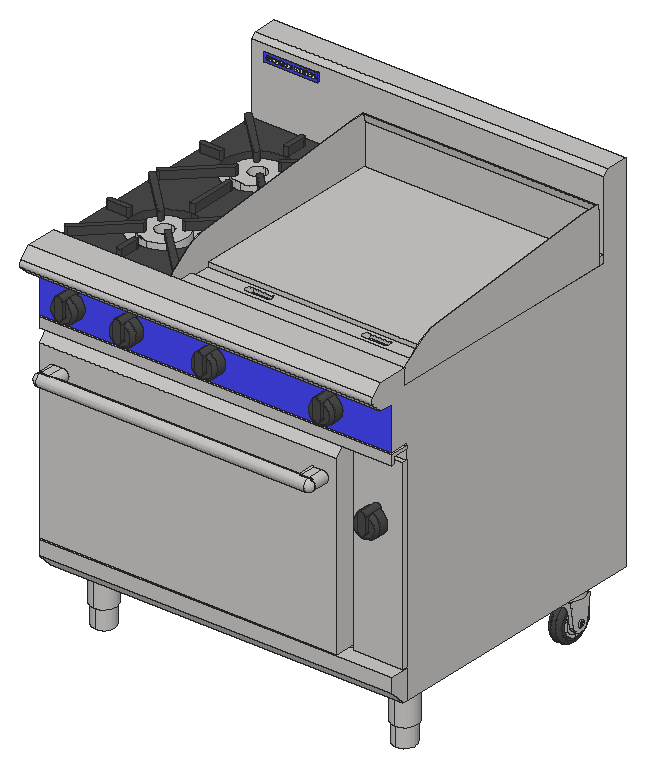
Revit family "QF_MOFFAT_BLUESEAL_CE_GE56B", category Specialty Equipment, Revit 2012 (continued)
Automatic sketch dimensions
  Split face 3 sketch curve to cut or joined group of Extrusion 1, Extrusion 17 = 17.115 mm
  Split face 3 sketch curve to Split face 3 sketch curve = 17 mm
  Split face 3 sketch curve to Split face 3 sketch curve = 7 mm
  curve 50 to plane 17 = 1.385 mm
  plane 3 "LEFT" to curve 50 = 24.134 mm
  curve 50 to plane 17 = 8.385 mm
  curve 50 to curve 50 = 4.041 mm
  plane 17 to curve 51 = 3.615 mm
  curve 51 to curve 51 = 8.66 mm
  curve 49 to curve 49 = 8.66 mm
  plane 17 to curve 45 = 3.615 mm
  curve 45 to plane 9 = 19.247 mm
  curve 47 to plane 17 = 3.385 mm
  curve 45 to curve 47 = 4.041 mm
  plane 17 to curve 46 = 8.615 mm
  plane 17 to curve 47 = 1.615 mm
  curve 47 to plane 9 = 6.545 mm
  curve 53 to plane 17 = 1.385 mm
  plane 9 to curve 53 = 44.134 mm
  curve 54 to curve 55 = 4.041 mm
  curve 53 to curve 52 = 8.66 mm
  curve 55 to plane 17 = 3.385 mm
  curve 53 to curve 55 = 4.041 mm
  plane 17 to curve 59 = 13.615 mm
  curve 57 to plane 17 = 3.385 mm
  curve 59 to curve 57 = 4.041 mm
  plane 17 to curve 58 = 8.615 mm
  curve 52 to curve 58 = 8.66 mm
  plane 17 to curve 57 = 1.615 mm
  curve 58 to curve 57 = 4.041 mm
  curve 66 to plane 17 = 1.385 mm
  curve 66 to plane 17 = 8.385 mm
  curve 66 to curve 66 = 4.041 mm
  plane 17 to curve 60 = 13.615 mm
  curve 67 to curve 60 = 8.66 mm
  curve 66 to curve 64 = 8.66 mm
  plane 16 to curve 60 = 26.253 mm
  curve 61 to curve 64 = 4.041 mm
  plane 17 to curve 62 = 8.615 mm
  curve 60 to curve 62 = 8.66 mm
  plane 17 to curve 62 = 1.615 mm
  curve 61 to curve 62 = 4.041 mm
  curve 65 to curve 66 = 5 mm
  plane 8 "Center X" to curve 16 = 15 mm
  curve 58 to curve 66 = 50.679 mm
  curve 20 to curve 16 = 8.27 mm
  plane 7 "Center Y" to curve 52 = 110.753 mm
  curve 15 to curve 29 = 25.97 mm
  curve 68 to plane 5 "FRONT" = 28.03 mm
  curve 4 to curve 69 = 12.5 mm
  plane 21 to Extrusion 2 sketch curve = 44 mm
  plane 18 to Extrusion 2 sketch curve = 21 mm
  Extrusion 2 sketch curve to Extrusion 2 sketch curve = 24 mm
  Extrusion 22 sketch curve to plane 21 = 6 mm
  level to Extrusion 22 sketch curve = 150 mm
  Extrusion 22 sketch curve to Extrusion 22 sketch curve = 36 mm
  plane 21 to Extrusion 22 sketch curve = 8 mm
  radius of Extrusion 6 sketch curve = 10 mm
  radius of Extrusion 31 sketch curve = 85 mm  (x2)
  radius of Extrusion 33 sketch curve = 57 mm  (x2)
  radius of Extrusion 33 sketch curve = 22 mm  (x2)
  radius of Extrusion 34 sketch curve = 6.35 mm
Nested families
  nested 1: "WALDORF LOGO_FACE BASE" at (32, -70, 1056.385) x (1, 0, 0) z (0, -1, 0), visible <- "Show Logo", type "WALDORF LOGO_FACE BASE", detail levels medium+fine
    with Show Logo yes
  nested 2: "GAS GRIDDLE PLATE 600" at (300, -85, 874.5), type "GAS GRIDDLE PLATE 600"
    with Width 600 mm, Type Mark "", Status "", Specification by User "", Revision Code "", Item Number "", Installed By "", Identify Quantity as Lot yes, Furnished By "", Foodservice Equipment Identifier yes, Depth 620 mm
Connectors
  piping at (770, -32, 655)
    settings: on Extrusion 6, index 4, connector radius 0.37402", flow factor 0, pipe flow 0 GPM, pressure drop 0.00 psi, fitting loss kfactor 0, connector angle 0.00°, fixture units 0, engagement length 0 mm, flow configuration 1, flow direction 1, fitting loss method 0, system type 7, joint type 0, gender type 0, connector reference index -1, connector utility 0, adjustable connector no, is connector primary yes, fitting loss table "", connector description "GAS CONNECTION"
  electrical at (826, -501, 147.817), driven by "Volts", driven by "Watts"
    settings: on Extrusion 34, index 5, voltage 400 V, apparent load 6600 VA, apparent load phase1 0 VA, apparent load phase2 0 VA, apparent load phase3 0 VA, power factor 1, load classification "Other", number of poles 1, system type 30, power factor state 1, is connector primary yes, connector utility no, sub classification motor no, connector description "ELECTRICAL CONNECTION"
Definition of nested family "WALDORF LOGO_FACE BASE"
  Parameters (values of type "WALDORF LOGO_FACE BASE")
    Show Logo [instance] = yes
    Default Elevation = 1219.2 mm
  Reference planes
    plane 1 "Center (Front/Back)": y = 0
    plane 2: z = 0
    plane 3 "Center (Left/Right)": x = 0
  Forms (mm)
    Extrusion 1, solid
      sketch origin (0, 0, 0) x (1, 0, 0) y (0, 1, 0)
        loop
          line (-1219.2, 1219.2) -> (-1219.2, -1219.2) -> (1219.2, -1219.2) -> (1219.2, 1219.2) -> (-1219.2, 1219.2)
      from 0 to -304.8
    Extrusion 2, solid, material "QF_Finishes_Blue", visible <- "Show Logo"
      sketch origin (0, -33.217, 0) x (1, 0, 0) y (0, 1, 0)
        loop
          arc (138, 31.942) -> (137.626, 32.844) -> (136.724, 33.217) r 1.276
          line (136.724, 33.217) -> (1.29, 33.217)
          arc (1.29, 33.217) -> (0.378, 32.839) -> (0, 31.927) r 1.29
          line (0, 31.927) -> (0, 11.507)
          arc (0, 11.507) -> (0.378, 10.595) -> (1.29, 10.217) r 1.29
          line (1.29, 10.217) -> (136.71, 10.217)
          arc (136.71, 10.217) -> (137.622, 10.595) -> (138, 11.507) r 1.29
          line (138, 11.507) -> (138, 31.942)
      from 0 to 1.588
    Extrusion 3, solid, material "QF_Finishes_White", visible <- "Show Logo"
      sketch origin (0, -33.217, 1.588) x (1, 0, 0) y (0, 1, 0)
        loop
          arc (108.946, 25.919) -> (107.613, 25.367) -> (107.061, 24.034) r 1.885
          line (107.061, 24.034) -> (107.061, 17.211) -> (112.704, 17.211) -> (112.704, 19.129) -> (115.546, 19.129) -> (115.546, 17.211) -> (121.584, 17.211) -> (121.584, 24.075)
          arc (121.584, 24.075) -> (121.043, 25.379) -> (119.739, 25.919) r 1.845
          line (119.739, 25.919) -> (108.946, 25.919)
        loop
          line (123.478, 25.919) -> (123.478, 17.163) -> (134.904, 17.163) -> (134.904, 19.129) -> (129.246, 19.129) -> (129.246, 25.919) -> (123.478, 25.919)
        loop
          line (112.704, 21.258) -> (115.546, 21.258) -> (115.546, 22.702)
          arc (115.546, 22.702) -> (115.344, 23.188) -> (114.858, 23.389) r 0.687
          line (114.858, 23.389) -> (113.363, 23.389)
          arc (113.363, 23.389) -> (112.897, 23.196) -> (112.704, 22.73) r 0.658
          line (112.704, 22.73) -> (112.704, 21.258)
        loop
          line (105.071, 25.919) -> (93.771, 25.919) -> (93.771, 17.163) -> (105.071, 17.163) -> (105.071, 19.063) -> (99.535, 19.063) -> (99.535, 20.437) -> (105.071, 20.437) -> (105.071, 22.278) -> (99.535, 22.278) -> (99.535, 23.587) -> (105.071, 23.587) -> (105.071, 25.919)
        loop
          line (91.104, 25.919) -> (79.541, 25.919)
          arc (79.541, 25.919) -> (78.558, 25.513) -> (78.152, 24.53) r 1.389
          line (78.152, 24.53) -> (78.152, 22.08)
          arc (78.152, 22.08) -> (78.558, 21.098) -> (79.541, 20.691) r 1.389
          line (79.541, 20.691) -> (86.346, 20.691) -> (86.346, 18.864) -> (83.266, 18.864) -> (83.266, 19.664) -> (78.152, 19.664) -> (78.152, 18.553)
          arc (78.152, 18.553) -> (78.558, 17.57) -> (79.541, 17.163) r 1.389
          line (79.541, 17.163) -> (91.063, 17.163)
          arc (91.063, 17.163) -> (92.045, 17.57) -> (92.452, 18.553) r 1.389
          line (92.452, 18.553) -> (92.452, 20.691)
          arc (92.452, 20.691) -> (92.045, 21.673) -> (91.063, 22.08) r 1.389
          line (91.063, 22.08) -> (83.266, 22.08) -> (83.266, 23.984) -> (86.346, 23.984) -> (86.346, 22.743) -> (92.452, 22.743) -> (92.452, 24.571)
          arc (92.452, 24.571) -> (92.057, 25.524) -> (91.104, 25.919) r 1.348
        loop
          line (70.705, 25.919) -> (59.405, 25.919) -> (59.405, 17.163) -> (70.705, 17.163) -> (70.705, 19.063) -> (65.169, 19.063) -> (65.169, 20.437) -> (70.705, 20.437) -> (70.705, 22.278) -> (65.169, 22.278) -> (65.169, 23.587) -> (70.705, 23.587) -> (70.705, 25.919)
        loop
          line (57.598, 25.919) -> (51.7, 25.919) -> (51.7, 20.18)
          arc (51.7, 20.18) -> (50.63, 19.11) -> (49.56, 20.18) r 1.07
          line (49.56, 20.18) -> (49.56, 25.919) -> (43.663, 25.919) -> (43.663, 19.049)
          arc (43.663, 19.049) -> (44.215, 17.716) -> (45.548, 17.163) r 1.885
          line (45.548, 17.163) -> (55.71, 17.163)
          arc (55.71, 17.163) -> (57.045, 17.716) -> (57.598, 19.051) r 1.887
          line (57.598, 19.051) -> (57.598, 25.919)
        loop
          line (31.62, 25.919) -> (31.62, 17.163) -> (43.046, 17.163) -> (43.046, 19.129) -> (37.388, 19.129) -> (37.388, 25.919) -> (31.62, 25.919)
        loop
          line (15.969, 25.919) -> (15.969, 17.163) -> (28.693, 17.163)
          arc (28.693, 17.163) -> (29.812, 17.627) -> (30.276, 18.746) r 1.582
          line (30.276, 18.746) -> (30.276, 20.447) -> (29.48, 21.243) -> (30.276, 22.039) -> (30.276, 24.332)
          arc (30.276, 24.332) -> (29.811, 25.454) -> (28.688, 25.919) r 1.587
          line (28.688, 25.919) -> (15.969, 25.919)
        loop
          line (21.449, 24.159) -> (21.449, 22.436) -> (23.862, 22.436)
          arc (23.862, 22.436) -> (24.723, 23.298) -> (23.862, 24.159) r 0.861
          line (23.862, 24.159) -> (21.449, 24.159)
        loop
          line (21.449, 20.244) -> (21.449, 18.522) -> (23.862, 18.522)
          arc (23.862, 18.522) -> (24.723, 19.383) -> (23.862, 20.244) r 0.861
          line (23.862, 20.244) -> (21.449, 20.244)
      from 0 to 0.2
    Extrusion 4, solid, material "QF_Finishes_Blue", visible <- "Show Logo"
      sketch origin (-126.498, -31.09, 1.588) x (1, 0, 0) y (0, 1, 0)
        loop
          line (136.738, 23.522) -> (136.738, 15.1)
          arc (136.738, 15.1) -> (140.756, 19.311) -> (136.738, 23.522) r 4.216
      from 0 to 0.2
    Extrusion 5, solid, material "QF_Finishes_Red", visible <- "Show Logo"
      sketch origin (146.849, -31.09, 1.588) x (-1, 0, 0) y (0, -1, 0)
        loop
          arc (136.738, -23.522) -> (140.756, -19.311) -> (136.738, -15.1) r 4.216
          line (136.738, -15.1) -> (136.738, -23.522)
      from 0 to 0.2
  Lines and regions (mm)
    Split face 1
      outline origin (-90.35, -30.793, 1.588) x (1, 0, 0) y (0, 1, 0)
        loop
          circle (100.54, 19.013) r 4.536
  Dimensions and locks
    aligned and locked: plane 2 to Extrusion 1
    aligned and locked: level to Extrusion 1
Definition of nested family "GAS GRIDDLE PLATE 600"
  Parameters (values of type "GAS GRIDDLE PLATE 600")
    Width [instance] = 600 mm
    Weight in Pounds = 0
    URL Cutsheet = ""
    Type Mark [instance] = ""
    Status [instance] = ""
    Specification by User [instance] = ""
    Specification by Manufacturer = ""
    Serial Number = ""
    Seismic Rating = ""
    SMACNA No = ""
    Revision Code [instance] = ""
    Omniclass Number and Title = ""
    NAFEM Spec ID Number = ""
    Masterspec = ""
    Item Number [instance] = ""
    Installed By [instance] = ""
    Identify Quantity as Lot [instance] = yes
    Furnished By [instance] = ""
    Foodservice Equipment Identifier [instance] = yes
    Depth [instance] = 620 mm
    CSI MasterFormat = ""
    CSI Master Format = ""
  Reference planes
    plane 1 "BACK": y = 0
    plane 2: z = 0
    plane 3 "LEFT": x = 0
    plane 4 "RIGHT": x = 600
    plane 5 "FRONT": y = -620
    plane 6 "TOP": z = 142.5
    plane 7 "Center Y": x = 300
    plane 8 "Center X": y = -310
    plane 9: y = -530.997
    plane 10: y = -541.497
    plane 11: y = -503.25
    plane 12: y = -557.737
  Forms (mm)
    Extrusion 1, solid, material "QF_Finishes_Stainless Steel"
      sketch origin (0, 70.003, -874.5) x (0, 1, 0) y (0, 0, 1)
        loop
          line (-70, 875) -> (-70, 997.489) -> (-75.228, 1017) -> (-117.24, 1017) -> (-589.533, 971.523)
          arc (-589.533, 971.523) -> (-614.56, 965.803) -> (-637.306, 953.899) r 100
          line (-637.306, 953.899) -> (-690.003, 917) -> (-690.003, 875) -> (-70, 875)
      from 0 to 1.8
    Extrusion 2, solid, material "QF_Finishes_Stainless Steel"
      sketch origin (600, 70.003, -874.5) x (0, -1, 0) y (0, 0, 1)
        loop
          line (70, 875) -> (690.003, 875) -> (690.003, 917) -> (637.306, 953.899)
          arc (637.306, 953.899) -> (614.56, 965.803) -> (589.533, 971.523) r 100
          line (589.533, 971.523) -> (117.24, 1017) -> (75.228, 1017) -> (70, 997.489) -> (70, 875)
      from 0 to 1.2
    Extrusion 3, solid, material "QF_Finishes_Stainless Steel"
      sketch origin (150, 70.003, -874.5) x (0, 1, 0) y (0, 0, 1)
        loop
          line (-55, 895) -> (-573.253, 895) -> (-573.253, 884.5) -> (-627.74, 884.5) -> (-627.74, 895) -> (-690.003, 895) -> (-690.003, 875) -> (-55, 875) -> (-55, 895)
      from -148.2 to 448.8
    Extrusion 4, void
      sketch origin (150, -541.497, 10) x (0, -1, 0) y (1, 0, 0)
        loop
          arc (-7.497, 25.113) -> (-17.497, 35.113) -> (-27.497, 25.113) r 10
          line (-27.497, 25.113) -> (-27.497, -24.887)
          arc (-27.497, -24.887) -> (-17.497, -34.887) -> (-7.497, -24.887) r 10
          line (-7.497, -24.887) -> (-7.497, 25.113)
        loop
          line (-7.497, 274.887) -> (-7.497, 324.887)
          arc (-7.497, 324.887) -> (-17.497, 334.887) -> (-27.497, 324.887) r 10
          line (-27.497, 324.887) -> (-27.497, 274.887)
          arc (-27.497, 274.887) -> (-17.497, 264.887) -> (-7.497, 274.887) r 10
      from -41.4 to 40.142
    Extrusion 5, solid, material "QF_Finishes_Stainless Steel"
      sketch origin (0, 70.003, -874.5) x (0, 1, 0) y (0, 0, 1)
        loop
          line (-70, 875) -> (-70, 997.489) -> (-75.228, 1017) -> (-76.884, 1017) -> (-71.6, 997.278) -> (-71.6, 875) -> (-70, 875)
      from 0 to 598.8
  Cuts and joins
    Extrusion 4 cuts Extrusion 3
    joined: Extrusion 1, Extrusion 2, Extrusion 3
  Lines and regions (mm)
    symbolic lines
      curve 1: line (600, -503.25, 0) -> (0, -503.25, 0)
      curve 2: line (0, -557.737, 0) -> (600, -557.737, 0)
      curve 3: line (0, -1.68, 0) -> (600, -1.68, 0)
      curve 4: line (600, -1.68, 0) -> (600, -620, 0)
      curve 5: line (0, -620, 0) -> (0, -1.68, 0)
      curve 6: line (0, -620, 0) -> (600, -620, 0)
      curve 7: arc (175.113, -534, 0) -> (185.113, -524, 0) -> (175.113, -514, 0) r 10
      curve 8: line (175.113, -514, 0) -> (125.113, -514, 0)
      curve 9: arc (125.113, -514, 0) -> (115.113, -524, 0) -> (125.113, -534, 0) r 10
      curve 10: line (125.113, -534, 0) -> (175.113, -534, 0)
      curve 11: arc (424.887, -534, 0) -> (414.887, -524, 0) -> (424.887, -514, 0) r 10
      curve 12: line (424.887, -514, 0) -> (474.887, -514, 0)
      curve 13: arc (474.887, -514, 0) -> (484.887, -524, 0) -> (474.887, -534, 0) r 10
      curve 14: line (474.887, -534, 0) -> (424.887, -534, 0)
  Dimensions and locks
    equal spacing: plane 3 "LEFT", plane 7 "Center Y", plane 4 "RIGHT"
    "Width": plane 3 "LEFT" to plane 4 "RIGHT"
    equal spacing: plane 5 "FRONT", plane 8 "Center X", plane 1 "BACK"
    "Depth": plane 5 "FRONT" to plane 1 "BACK"
    locked: Extrusion 2 to Extrusion 2 at 1.2
    aligned and locked: level to plane 2
    aligned and locked: Extrusion 2 to plane 4 "RIGHT"
    aligned and locked: curve 1 to plane 11
    aligned and locked: plane 12 to curve 2
    aligned and locked: Extrusion 5 to cut or joined group of Extrusion 1, Extrusion 2, Extrusion 3, Extrusion 4
  Automatic sketch dimensions
    Extrusion 1 sketch curve to plane 5 "FRONT" = 0 mm
    Extrusion 1 sketch curve to plane 6 "TOP" = 0 mm
    plane 12 to Extrusion 1 sketch curve = 9.566 mm
    plane 11 to Extrusion 1 sketch curve = 16.28 mm
    Extrusion 1 sketch curve to level = 2.516 mm
    plane 11 to Extrusion 1 sketch curve = 6.695 mm
    plane 1 "BACK" to Extrusion 1 sketch curve = 47.237 mm
    plane 1 "BACK" to Extrusion 1 sketch curve = 5.225 mm
    Extrusion 1 sketch curve to plane 1 "BACK" = 0.003 mm
    level to Extrusion 1 sketch curve = 0.5 mm
    Extrusion 1 sketch curve to Extrusion 1 sketch curve = 42 mm
    Extrusion 1 sketch curve to plane 6 "TOP" = 63.101 mm
    Extrusion 1 sketch curve to plane 6 "TOP" = 19.511 mm
    Extrusion 2 sketch curve to plane 6 "TOP" = 0 mm
    Extrusion 2 sketch curve to plane 5 "FRONT" = 0 mm
    plane 12 to Extrusion 2 sketch curve = 9.566 mm
    plane 11 to Extrusion 2 sketch curve = 16.28 mm
    Extrusion 2 sketch curve to level = 2.516 mm
    plane 11 to Extrusion 2 sketch curve = 6.695 mm
    plane 1 "BACK" to Extrusion 2 sketch curve = 47.237 mm
    plane 1 "BACK" to Extrusion 2 sketch curve = 5.225 mm
    Extrusion 2 sketch curve to plane 1 "BACK" = 0.003 mm
    level to Extrusion 2 sketch curve = 0.5 mm
    Extrusion 2 sketch curve to Extrusion 2 sketch curve = 42 mm
    Extrusion 2 sketch curve to plane 6 "TOP" = 63.101 mm
    Extrusion 2 sketch curve to plane 6 "TOP" = 19.511 mm
    Extrusion 3 sketch curve to plane 5 "FRONT" = 0 mm
    Extrusion 3 sketch curve to plane 12 = 0 mm
    Extrusion 3 sketch curve to plane 11 = 0 mm
    Extrusion 3 sketch curve to plane 1 "BACK" = 15.003 mm
    level to Extrusion 3 sketch curve = 0.5 mm
    level to Extrusion 3 sketch curve = 10 mm
    Extrusion 3 sketch curve to Extrusion 3 sketch curve = 10.5 mm  (x2)
    plane 1 "BACK" to Extrusion 5 sketch curve = 5.225 mm
    Extrusion 5 sketch curve to plane 1 "BACK" = 0.003 mm
    Extrusion 5 sketch curve to plane 6 "TOP" = 19.511 mm
    Extrusion 5 sketch curve to Extrusion 5 sketch curve = 1.6 mm
    Extrusion 5 sketch curve to Extrusion 5 sketch curve = 0.211 mm
    Extrusion 5 sketch curve to plane 6 "TOP" = 0 mm
    Extrusion 5 sketch curve to Extrusion 5 sketch curve = 1.656 mm
    level to Extrusion 5 sketch curve = 0.5 mm
    plane 11 to Extrusion 4 sketch curve = 10.75 mm  (x2)
    Extrusion 4 sketch curve to Extrusion 4 sketch curve = 10 mm  (x2)
    plane 3 "LEFT" to Extrusion 4 sketch curve = 125.113 mm
    Extrusion 4 sketch curve to Extrusion 4 sketch curve = 50 mm  (x2)
    plane 7 "Center Y" to Extrusion 4 sketch curve = 124.887 mm
    curve 6 to plane 3 "LEFT" = 0 mm
    curve 3 to plane 4 "RIGHT" = 0 mm
    plane 5 "FRONT" to curve 6 = 0 mm
    plane 11 to curve 8 = 10.75 mm
    plane 3 "LEFT" to curve 8 = 125.113 mm
    curve 10 to plane 12 = 23.737 mm
    curve 9 to curve 10 = 50 mm
    curve 11 to plane 12 = 23.737 mm
    plane 7 "Center Y" to curve 11 = 124.887 mm
    plane 11 to curve 12 = 10.75 mm
    curve 12 to curve 12 = 50 mm
    plane 1 "BACK" to curve 3 = 1.68 mm
